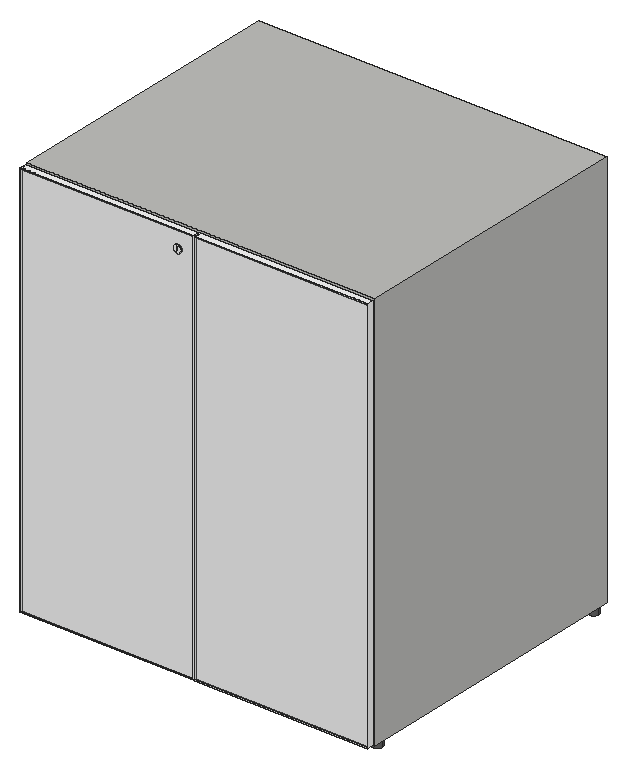
Revit family "Storage-Freestanding-Teknion-JNFTTG-Tower_with_Two_Full_Glass_Doors-R2015", category Furniture, Revit 2015
Parameters (values of type "Shelves")
  Width [instance] = 36.000"
  Warranty = "http://www.teknion.com/ca/papers/legal-canada"
  Unit Weight URL = "http://www.teknion.com/ca/tools/assets#&asset=bee6a381-b954-425e-8283-5a2de3a804f2,f828d448-4b62-4231-9e5f-9a8991c0ed77"
  URL = "www.teknion.com"
  Sustainability Data = "http://www.teknion.com/ca/tools/assets#&topic=216f99a5-57a0-44fc-b10a-9dee9b29ae4c&asset=444deb64-fe58-4b68-981e-f75e97781df7"
  Series = "Expansion Cityline"  # constant formula
  Product Page URL = "http://www.teknion.com/ca/products/product-details?productlineid=9ad2a26e-8e7a-673b-a6c8-ff05004460c4"
  Product Line = "Expansion Cityline"  # constant formula
  Product Documentation Link = "http://www.teknion.com/pricing/expansion-cityline/pdfs/JNFTTG_ppg.pdf"
  Part Number = "JNFTTG"  # constant formula
  Note [instance] = "Available Depths are 18, 24, and 30 inches. Available Widths are 24, 30 , and 36 inches. Heights are available in sizes of 42, 51, and 57 inches."  # constant formula
  Model = "JNFTTGS"
  Manufacturer Phone = "416-661-3370"  # constant formula
  Manufacturer Fax = "416.661.4586"  # constant formula
  Manufacturer Contact Information = "http://www.teknion.com/ca/contactus"
  Manufacturer Address = "1150 Flint Road, Toronto, ON. M3J 2J5. Canada"  # constant formula
  Manufacturer = "Teknion"  # constant formula
  Height [instance] = 42.000"
  Frame Finish [instance] = Mica - Teknion - V - Satin - Very White
  Door Finish [instance] = Back-painted Glass - K7 - Teknion - Very White
  Description = "Freestanding Tower with Two Full Glass Doors, Shelves"
  Depth [instance] = 30.000"
  Case Finish [instance] = Source Laminate - Teknion - RV - Very White
  Assembly Code = "E2020200"
Reference planes (in)
  plane 1 "Center Front/Back": y = 0
  plane 2: z = 0
  plane 3 "Center Left/Right": x = 0
  plane 4 "Left": x = -18
  plane 5 "Right": x = 18
  plane 6 "Back": y = 15
  plane 7 "Front": y = -15
  plane 8 "Top": z = 42
  plane 9: z = 0.60236
  plane 10: y = -15.19685
  plane 11: y = -15.89764
  plane 12: y = -15.74016
  plane 13: y = -15.95669
Forms (in)
  Extrusion 1, solid, material "Source Laminate - Teknion - RV - Very White" <- "Case Finish"
    sketch origin (0, 0, 0) x (1, 0, 0) y (0, 1, 0)
      loop
        line (-18, 15) -> (-18, -15) -> (18, -15) -> (18, 15) -> (-18, 15)
    from 0.60236 to 42
  Extrusion 2, solid, material "Mica - Teknion - V - Satin - Very White" <- "Frame Finish"
    sketch origin (0, -15, 0) x (-1, 0, 0) y (0, 0, -1)
      loop
        line (17.94881, -0.77165) -> (0.11024, -0.77165) -> (0.11024, -41.83071) -> (17.94881, -41.83071) -> (17.94881, -0.77165)
      loop
        line (18, -0.72047) -> (0.05906, -0.72047) -> (0.05906, -41.88189) -> (18, -41.88189) -> (18, -0.72047)
    from 0.19685 to 0.89764
  Extrusion 3, solid, material "Mica - Teknion - V - Satin - Very White" <- "Frame Finish"
    sketch origin (12.05906, -15, 0) x (-1, 0, 0) y (0, 0, -1)
      loop
        line (11.94881, -0.77165) -> (-5.88976, -0.77165) -> (-5.88976, -41.83071) -> (11.94881, -41.83071) -> (11.94881, -0.77165)
      loop
        line (12, -0.72047) -> (-5.94094, -0.72047) -> (-5.94094, -41.88189) -> (12, -41.88189) -> (12, -0.72047)
    from 0.19685 to 0.89764
  Extrusion 4, solid, material "Paint-Teknion-White"
    sketch origin (0, -15, 0) x (-1, 0, 0) y (0, 0, -1)
      loop
        line (17.94881, -41.83071) -> (17.94881, -0.77165) -> (0.11024, -0.77165) -> (0.11024, -41.83071) -> (17.94881, -41.83071)
    from 0.19685 to 0.74016
  Extrusion 5, solid, material "Paint-Teknion-White"
    sketch origin (0, -15, 0) x (-1, 0, 0) y (0, 0, -1)
      loop
        line (-0.11024, -41.83071) -> (-0.11024, -0.77165) -> (-17.94882, -0.77165) -> (-17.94882, -41.83071) -> (-0.11024, -41.83071)
    from 0.19685 to 0.74016
  Extrusion 6, solid, material "Back-painted Glass - K7 - Teknion - Very White" <- "Door Finish"
    sketch origin (-12, -15.89764, 48) x (-1, 0, 0) y (0, 0, 1)
      loop
        line (-11.88976, -47.22835) -> (5.94881, -47.22835) -> (5.94881, -6.16929) -> (-11.88976, -6.16929) -> (-11.88976, -47.22835)
    from 0 to 0.15748
  Extrusion 7, solid, material "Back-painted Glass - K7 - Teknion - Very White" <- "Door Finish"
    sketch origin (-12, -15.89764, 48) x (-1, 0, 0) y (0, 0, 1)
      loop
        line (-12.11024, -6.16929) -> (-29.94882, -6.16929) -> (-29.94882, -47.22835) -> (-12.11024, -47.22835) -> (-12.11024, -6.16929)
    from 0 to 0.15748
  Extrusion 8, solid, material "Plastic - Teknion - 52 - Ebony"
    sketch origin (0, 0, 0) x (1, 0, 0) y (0, 1, 0)
      loop
        circle (-17.49545, 14.00012) r 0.5
    from 0 to 0.60236
  Extrusion 9, solid, material "Plastic - Teknion - 52 - Ebony"
    sketch origin (0, 0, 0) x (-1, 0, 0) y (0, -1, 0)
      loop
        circle (-17.49545, -14.00012) r 0.5
    from 0 to 0.60236
  Extrusion 10, solid, material "Plastic - Teknion - 52 - Ebony"
    sketch origin (0, 0, 0) x (1, 0, 0) y (0, 1, 0)
      loop
        circle (-17.49545, -14.00012) r 0.5
    from 0 to 0.60236
  Extrusion 11, solid, material "Plastic - Teknion - 52 - Ebony"
    sketch origin (0, 0, 0) x (-1, 0, 0) y (0, -1, 0)
      loop
        circle (-17.49545, 14.00012) r 0.5
    from 0 to 0.60236
  Extrusion 12, solid, material "Mica - Teknion - V - Satin - Very White"
    sketch origin (-12, -15.89764, 48) x (-1, 0, 0) y (0, 0, 1)
      loop
        circle (-10.36614, -7.86291) r 0.39486
      loop
        line (-10.31693, -8.04992) -> (-10.31693, -7.67591) -> (-10.41535, -7.67591) -> (-10.41535, -8.04992) -> (-10.31693, -8.04992)
    from -0.05906 to 0
Lines and regions (in)
  Masking region 1
    outline origin (0, 0, 0) x (1, 0, 0) y (0, 1, 0)
      loop
        line (-18, 15) -> (-18, -15) -> (18, -15) -> (18, 15) -> (-18, 15)
  Masking region 2
    outline origin (0, 0, 0) x (1, 0, 0) y (0, 1, 0)
      loop
        line (-18, -15.19685) -> (-18, -15.89764) -> (-2.02872, -15.89764) -> (-2.02872, -15.95669) -> (-1.23899, -15.95669) -> (-1.23899, -15.89764) -> (-0.05906, -15.89764) -> (-0.05906, -15.19685) -> (-18, -15.19685)
  Masking region 3
    outline origin (0, 0, 0) x (1, 0, 0) y (0, 1, 0)
      loop
        line (0.05906, -15.19685) -> (0.05906, -15.89764) -> (18, -15.89764) -> (18, -15.19685) -> (0.05906, -15.19685)
  symbolic lines
    curve 1: line (-18, -15.89764, 0) -> (-0.05906, -15.89764, 0)
  symbolic lines, style "FurnitureHiddenLines", detail levels fine
    curve 2: arc (-17.99545, 14.00012, 0) -> (-17.49545, 13.50012, 0) -> (-16.99545, 14.00012, 0) r 0.5
    curve 3: arc (-16.99545, 14.00012, 0) -> (-17.49545, 14.50012, 0) -> (-17.99545, 14.00012, 0) r 0.5
    curve 4: arc (-16.99545, -14.00012, 0) -> (-17.49545, -13.50012, 0) -> (-17.99545, -14.00012, 0) r 0.5
    curve 5: arc (-17.99545, -14.00012, 0) -> (-17.49545, -14.50012, 0) -> (-16.99545, -14.00012, 0) r 0.5
    curve 6: arc (17.99545, -14.00012, 0) -> (17.49545, -13.50012, 0) -> (16.99545, -14.00012, 0) r 0.5
    curve 7: arc (16.99545, -14.00012, 0) -> (17.49545, -14.50012, 0) -> (17.99545, -14.00012, 0) r 0.5
    curve 8: arc (16.99545, 14.00012, 0) -> (17.49545, 13.50012, 0) -> (17.99545, 14.00012, 0) r 0.5
    curve 9: arc (17.99545, 14.00012, 0) -> (17.49545, 14.50012, 0) -> (16.99545, 14.00012, 0) r 0.5
  reference lines, not visible
    curve 10: line (-18, 15, 0) -> (-18, -15.89764, 0)
    curve 11: line (-18, 15, 0) -> (18, 15, 0)
    curve 12: line (18, 15, 0) -> (18, -15.89764, 0)
    curve 13: line (-18, -15.89764, 0) -> (18, -15.89764, 0)
Dimensions and locks (in)
  "Width": plane 4 "Left" to plane 5 "Right"
  "Depth": plane 6 "Back" to plane 7 "Front"
  "Height": plane 8 "Top" to level
  equal spacing: plane 7 "Front", plane 1 "Center Front/Back", plane 6 "Back"
  equal spacing: plane 4 "Left", plane 3 "Center Left/Right", plane 5 "Right"
  locked: plane 9 to plane 2 at 0.60236
  plane 3 "Center Left/Right" to Extrusion 2 sketch curve to Extrusion 2 sketch curve = 0.05906" locked, 0.05118" locked
  Extrusion 2 sketch curve to Extrusion 2 sketch curve to plane 9 = 0.05118" locked, 0.11811" locked
  locked: Extrusion 2 sketch curve to plane 4 "Left" at 0.05119
  plane 8 "Top" to Extrusion 2 sketch curve to Extrusion 2 sketch curve = 0.11811" locked, 0.05118" locked
  plane 11 to plane 10 to plane 7 "Front" = 0.70079" locked, 0.19685" locked
  Extrusion 3 sketch curve to plane 5 "Right" to Extrusion 3 sketch curve = 0.000" locked, 0.05118" locked
  Extrusion 3 sketch curve to Extrusion 3 sketch curve to plane 9 = 0.05118" locked, 0.11811" locked
  plane 8 "Top" to Extrusion 3 sketch curve to Extrusion 3 sketch curve = 0.11811" locked, 0.05118" locked
  locked: plane 12 to plane 11 at 0.15748
  locked: Extrusion 9 sketch curve to plane 5 "Right" at 0.50455
  locked: plane 6 "Back" to Extrusion 9 sketch curve at 0.99988
  locked: plane 6 "Back" to Extrusion 8 sketch curve at 0.99988
  locked: plane 4 "Left" to Extrusion 8 sketch curve at 0.50455
  locked: plane 4 "Left" to Extrusion 10 sketch curve at 0.50455
  locked: plane 7 "Front" to Extrusion 10 sketch curve at 0.99988
  locked: plane 7 "Front" to Extrusion 11 sketch curve at 0.99988
  locked: Extrusion 11 sketch curve to plane 5 "Right" at 0.50455
  locked: plane 3 "Center Left/Right" to Extrusion 12 sketch curve at 1.63386
  locked: plane 8 "Top" to Extrusion 12 sketch curve at 1.86291
  plane 3 "Center Left/Right" to Extrusion 12 sketch curve to Extrusion 12 sketch curve = 1.58465" locked, 0.09843" locked
  plane 8 "Top" to Extrusion 12 sketch curve to Extrusion 12 sketch curve = 1.67591" locked, 0.37402" locked
  locked: plane 13 to plane 11 at 0.05906
  Masking region 2 sketch curve to Masking region 2 sketch curve to plane 3 "Center Left/Right" = 0.78973" locked, 1.23899" locked
  aligned and locked: level to plane 2
  aligned and locked: Extrusion 1 sketch curve to plane 4 "Left"
  aligned and locked: Extrusion 1 sketch curve to plane 6 "Back"
  aligned and locked: Extrusion 1 sketch curve to plane 5 "Right"
  aligned and locked: Extrusion 1 sketch curve to plane 7 "Front"
  aligned and locked: plane 8 "Top" to Extrusion 1
  aligned and locked: plane 9 to Extrusion 1
  aligned and locked: Extrusion 2 sketch curve to plane 4 "Left"
  aligned and locked: plane 10 to Extrusion 2
  aligned and locked: Extrusion 2 to plane 11
  aligned and locked: Extrusion 4 sketch curve to Extrusion 2  (x4)
  aligned and locked: Extrusion 5 sketch curve to Extrusion 3  (x4)
  aligned and locked: plane 10 to Extrusion 4
  aligned and locked: Extrusion 4 to plane 12
  aligned and locked: Extrusion 5 to plane 12
  aligned and locked: Extrusion 5 to plane 10
  aligned and locked: Extrusion 6 sketch curve to Extrusion 2  (x4)
  aligned and locked: Extrusion 7 sketch curve to Extrusion 3  (x4)
  aligned and locked: Extrusion 7 to plane 12
  aligned and locked: Extrusion 7 to plane 11
  aligned and locked: Extrusion 6 to plane 11
  aligned and locked: plane 12 to Extrusion 6
  aligned and locked: Extrusion 8 to plane 2
  aligned and locked: Extrusion 8 to plane 9
  aligned and locked: plane 13 to Extrusion 12
  aligned and locked: plane 11 to Extrusion 12
  aligned and locked: Extrusion 10 to plane 9
  aligned and locked: Extrusion 11 to plane 9
  aligned and locked: Extrusion 9 to plane 9
  aligned and locked: Extrusion 11 to plane 2
  aligned and locked: Extrusion 9 to plane 2
  aligned and locked: Extrusion 10 to plane 2
  aligned and locked: plane 2 to Extrusion 10  (x2)
  aligned and locked: Masking region 1 sketch curve to plane 4 "Left"
  aligned and locked: Masking region 1 sketch curve to plane 6 "Back"
  aligned and locked: Masking region 1 sketch curve to plane 5 "Right"
  aligned and locked: Masking region 1 sketch curve to plane 7 "Front"
  aligned and locked: plane 4 "Left" to Masking region 2 sketch curve
  aligned and locked: Masking region 2 sketch curve to plane 10
  aligned and locked: Masking region 2 sketch curve to Extrusion 2
  aligned and locked: Masking region 2 sketch curve to plane 11
  aligned and locked: Masking region 2 sketch curve to Extrusion 12
  aligned and locked: curve 1 to Extrusion 2
  aligned and locked: Masking region 3 sketch curve to Extrusion 3  (x2)
  aligned and locked: Masking region 3 sketch curve to plane 10
  aligned and locked: Masking region 3 sketch curve to plane 11
  aligned and locked: curve 2 to Extrusion 8
  aligned and locked: curve 3 to Extrusion 8
  aligned and locked: curve 4 to Extrusion 10
  aligned and locked: curve 5 to Extrusion 10
  aligned and locked: curve 6 to Extrusion 11
  aligned and locked: curve 7 to Extrusion 11
  aligned and locked: curve 8 to Extrusion 9
  aligned and locked: curve 9 to Extrusion 9
  aligned and locked: curve 10 to plane 4 "Left"
  aligned and locked: curve 11 to plane 6 "Back"
  aligned and locked: curve 12 to plane 5 "Right"
  aligned and locked: curve 13 to plane 11
Automatic sketch dimensions
  Extrusion 3 sketch curve to plane 3 "Center Left/Right" = 0.11024"
  Extrusion 3 sketch curve to plane 3 "Center Left/Right" = 0.05906"
  Masking region 2 sketch curve to plane 11 = 0.000"
  curve 1 to plane 4 "Left" = 0.000"
  curve 1 to plane 3 "Center Left/Right" = 0.05906"
  radius of Extrusion 8 sketch curve = 0.500"
  radius of Extrusion 9 sketch curve = 0.500"
  radius of Extrusion 10 sketch curve = 0.500"
  radius of Extrusion 11 sketch curve = 0.500"
  radius of Extrusion 12 sketch curve = 0.39486"
